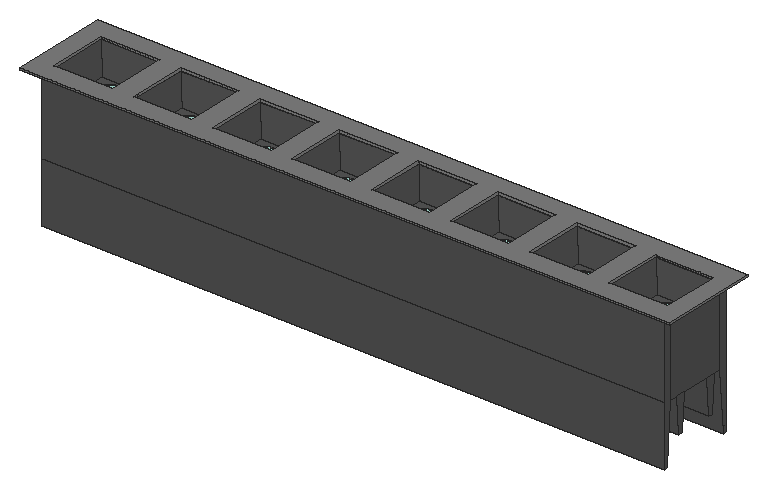
Revit family "Bitpop 8.1", category Lighting Fixtures, host Face, Revit 2017
Family settings
  Host = Face
  Round Connector Dimension = Use Diameter
  Part Type = Normal
  Cut with Voids When Loaded = Yes
  Light Source = Yes
  Shared = No
  Room Calculation Point = Yes
Parameters (values of type "Bitpop 8.1_ F 30° (3000K 50W 230Vac)")
  Wiring = "-"
  Width mm = 49 mm
  Weight kg = "1.10"
  Wattage = 25.8513 W
  built-in parameter 1150110 = 1 (stored number, unit not read)
  Voltage = 230 V
  URL Technical sheet = "https://www.lucelight.it/media/prodotti/st/ST_BITPOP_81.pdf"
  URL Image = "https://www.lucelight.it/media/prodotti/foto/bitpop_8.1_still.jpg"
  URL IES Photometric file = "https://www.lucelight.it/media/prodotti/fotometrie/bitpop_8.1_ies.zip"
  URL General code = "https://www.lucelight.it/en/prodotto.php/107075#a-generacodice"
  URL Description = "https://www.lucelight.it/en/capitolato.php/107075"
  URL DXF = "https://www.lucelight.it/media/prodotti/dxf/bitpop_8.1.dxf"
  URL Catalogue = "https://www.lucelight.it/media/prodotti/brochure/bitpop_brochure_en.pdf"
  URL Accessories and power supply units = "https://www.lucelight.it/en/prodotto.php/107075#a-scheda-accessori"
  URL = "https://www.lucelight.it/en/prodotto.php/107075"
  built-in parameter 1114217 = 1 (stored number, unit not read)
  Tilt Angle = 90.00°
  built-in parameter 1150109 = 1 (stored number, unit not read)
  built-in parameter 1150134 = (empty or 0)
  built-in parameter 1150113 = 1 (stored number, unit not read)
  Photometric Web File = "BITPOP 8.1 F 30° [3000K 50W 230Vac].IES"
  Model = "Bitpop 8.1"
  Manufacturer = "L&L Luce&Light"
  built-in parameter 1150105 = 305.58 (stored number, unit not read)
  Lumens = 3840 lm
  built-in parameter 1150115 = 1 (stored number, unit not read)
  built-in parameter 1150137 = (empty or 0)
  built-in parameter 1150139 = (empty or 0)
  built-in parameter 1150112 = 1 (stored number, unit not read)
  built-in parameter 1150114 = 1 (stored number, unit not read)
  built-in parameter 1150132 = 2
  built-in parameter 1150102 = (empty or 0)
  built-in parameter 1150107 = 3000 (stored number, unit not read)
  built-in parameter 1150138 = (empty or 0)
  built-in parameter 1150106 = 3.0558 (stored number, unit not read)
  Geometry = Bitpop8.1_mod : Bitpop 8.1
  Trim = L&L_Steel
  Power supply unit = "included and wired"
  Power supply = "230Vac"
  Power cables = "includes 0.30 m cable"
  Power = "50W (also available: 35W - ref. URL Technical sheet)"
  Optics = "30°"
  Notes = "ceiling-mounted version Bitpop C"
  No. and type of led = "8 high-intensity power LEDs"
  Mounting = "recessed (ceiling: flush or deep set)"
  Material = "body in black anodized aluminium trim in steel"
  Lumen output at source = "2800 lm (3000K, 35W); 3840 lm (3000K, 50W)"
  Lens = L&L_Lens
  Length mm = 329 mm
  LED Colour = "3000K (also available: 2700K and 4000K - ref. URL Technical sheet)"
  IP = "40; 44 installed"
  Height void = 42 mm
  Length void = 320 mm
  Width void = 42 mm
  Height mm = 71 mm
  Features = "UGR < 10 for 17° and 30° optics"
  Energy efficiency class = "A A+ A++"
  Emit from Line Length = 609.6 mm
  built-in parameter 1150104 = 13.8 (stored number, unit not read)
  Dimming Lamp Color Temperature Shift = <None>
  Description = "Indoor recessed"
  Delivered lumen output = "1984 lm (3000K, 30°, 35W); 2680 lm (3000K, 30°, 50W)"
  Default Elevation = 1219.2 mm
  Cutout dimensions = "320x42 mm"
  Control system = "on/off; 1-10V + PUSH; DALI + PUSH"
  Contact = "T: +39 0444 360571; E: lucelight@lucelight.it"
  Company = "L&L Luce&Light"
  Color Filter = 16777215
  Code = "BP8110 B White; BP8110 N Black; BP8111 B White; BP8111 N Black"
  CRI = "90 (also available: CRI 80 - ref. URL Technical sheet)"
  Body = L&L_Black anodized aluminium
  built-in parameter 1114218 = 1 (stored number, unit not read)
  built-in parameter 1150133 = 10 (stored number, unit not read)
  Apparent Load Phase 1 = 50 W
Types (8, lengths in mm): name | Photometric Web File | Model | Geometry | Optics | Length void | Width void
  Bitpop 8.1_ F 30° (3000K 50W 230Vac) | "BITPOP 8.1 F 30° [3000K 50W 230Vac].IES" | "Bitpop 8.1" | Bitpop8.1_mod : Bitpop 8.1 | "30°" | 320 | 42
  Bitpop 8.1_ L 42° (3000K 50W 230Vac) | "BITPOP 8.1 L 42° [3000K 50W 230Vac].IES" | "Bitpop 8.1" | Bitpop8.1_mod : Bitpop 8.1 | "42°" | 320 | 42
  Bitpop 8.1_ S 17° (3000K 50W 230Vac) | "BITPOP 8.1 S 17° [3000K 50W 230Vac].IES" | "Bitpop 8.1" | Bitpop8.1_mod : Bitpop 8.1 | "17°" | 320 | 42
  Bitpop 8.1_ W 17°x45° (3000K 50W 230Vac) | "BITPOP 8.1 W 17°x45° [3000K 50W 230Vac].IES" | "Bitpop 8.1" | Bitpop8.1_mod : Bitpop 8.1 | "17°x45°" | 320 | 42
  Bitpop 8.1_Recessed_ F 30° (3000K 50W 230Vac) | "BITPOP 8.1 F 30° [3000K 50W 230Vac].IES" | "Bitpop 8.1_Recessed" | Bitpop8.1_Recessed_mod : Bitpop 8.1 recessed | "30°" | 333 | 53
  Bitpop 8.1_Recessed_ L 42° (3000K 50W 230Vac) | "BITPOP 8.1 L 42° [3000K 50W 230Vac].IES" | "Bitpop 8.1_Recessed" | Bitpop8.1_Recessed_mod : Bitpop 8.1 recessed | "42°" | 333 | 53
  Bitpop 8.1_Recessed_ S 17° (3000K 50W 230Vac) | "BITPOP 8.1 S 17° [3000K 50W 230Vac].IES" | "Bitpop 8.1_Recessed" | Bitpop8.1_Recessed_mod : Bitpop 8.1 recessed | "17°" | 333 | 53
  Bitpop 8.1_Recessed_ W 17°x45° (3000K 50W 230Vac) | "BITPOP 8.1 W 17°x45° [3000K 50W 230Vac].IES" | "Bitpop 8.1_Recessed" | Bitpop8.1_Recessed_mod : Bitpop 8.1 recessed | "17°x45°" | 333 | 53
Reference planes
  plane 1 "Center (Front/Back)": y = 0
  plane 2: z = 0
  plane 3 "Center (Left/Right)": x = 0
  plane 4: x = -160
  plane 5: x = 160
  plane 6: y = 21
  plane 7: y = -21
  plane 8: z = -42
Forms (mm)
  Extrusion 1, void
    sketch origin (-11.1, 1.1, 0) x (1, 0, 0) y (0, 1, 0)
      loop
        line (-148.9, 19.9) -> (-148.9, -22.1) -> (171.1, -22.1) -> (171.1, 19.9) -> (-148.9, 19.9)
    from 0 to -42
Dimensions and locks
  "Length void": plane 4 to plane 5
  "Width void": plane 7 to plane 6
  "Height void": plane 8 to plane 2
  equal spacing: plane 4, plane 3 "Center (Left/Right)", plane 5
  equal spacing: plane 7, plane 1 "Center (Front/Back)", plane 6
  aligned and locked: plane 2 to host face
  aligned and locked: level to host face
  aligned and locked: plane 2 to Extrusion 1
  aligned and locked: Extrusion 1 to plane 8
  aligned and locked: Extrusion 1 to plane 6
  aligned and locked: Extrusion 1 to plane 7
  aligned and locked: Extrusion 1 to plane 4
  aligned and locked: plane 5 to Extrusion 1
Automatic sketch dimensions
  host sketch curve to host sketch curve = 2438.4 mm  (x2)
  Extrusion 1 sketch curve to plane 4 = 0 mm
  Extrusion 1 sketch curve to plane 7 = 0 mm
  Extrusion 1 sketch curve to plane 6 = 0 mm
  Extrusion 1 sketch curve to plane 5 = 0 mm
Nested families
  nested 1: "Bitpop8.1_mod" at (-164.5, 0, -70), type <- "Geometry", type "Bitpop 8.1"
Connectors
  electrical at (0, 0, 0), driven by "Voltage", driven by "Apparent Load Phase 1"
    settings: index 1, voltage 230 V, apparent load 0 VA, apparent load phase1 50 VA, apparent load phase2 0 VA, apparent load phase3 0 VA, power factor 1, load classification "Other", number of poles 1, system type 31, power factor state 1, is connector primary yes, connector utility no, sub classification motor no, connector description ""
Definition of nested family "Bitpop8.1_mod"
  Parameters (values of type "Bitpop 8.1")
    Wings length 1.2 = 93 mm
    Wings 1.1 = no
    Wings 1.0 = yes
    Width box = 39 mm
    Width = 49 mm
    Void Offset y = 3.5 mm
    Trim = none
    Offset Void = 1 mm
    Offset = 7 mm
    N° Copies = 8
    Light source position 2 = 927 mm
    Light Source Position = 929 mm
    Lens = none
    Length wings 1.1 = 52 mm
    Length Wings = 315 mm
    External box = no
    Center position = 400 mm - Length cover plate / 2  # 235.5 mm
    Length cover plate = 329 mm
    Default Elevation = 1219.2 mm
    Body = none
  Reference planes
    plane 1 "Light Source Axis (F/B)": y = 0
    plane 2: z = 0
    plane 3: x = 0
    plane 4 "Light Source Elevation": z = 71
    plane 5: x = -400
    plane 6: z = 1000
    plane 7: y = 24.5
    plane 8: y = -24.5
    plane 9: x = 329
    plane 10: y = 19.5
    plane 11: y = -19.5
    plane 12: x = 7
    plane 13: x = 322
    plane 14 "Light Source Axis (L/R)": x = 164.5
    plane 15: x = -84.1
    plane 16: x = 6.2
    plane 17: x = 5.167
    plane 18: x = 322.8
    plane 19: x = 323.765
    plane 20: z = 70
    plane 21: z = 55
    plane 22: z = 54
    plane 23: z = 57.889
    plane 24: z = 50.979
    plane 25: z = 29.6
    plane 26: z = 73
    plane 27: z = 55
    plane 28: x = 305.2
    plane 29: x = 265.1
    plane 30: x = 225
    plane 31: x = 184.9
    plane 32: x = 144.8
    plane 33: x = 104.7
    plane 34: x = 64.6
    plane 35: x = 24.5
  Forms (mm)
    Extrusion 1, solid, material <- "Trim", detail levels medium+fine
      sketch origin (0, 0, 0) x (1, 0, 0) y (0, 1, 0)
        loop
          line (0, 24.5) -> (0, -24.5) -> (329, -24.5) -> (329, 24.5) -> (0, 24.5)
      from 70 to 71
    Extrusion 2, solid, material <- "Body", detail levels medium+fine
      sketch origin (1, -6.552, 71) x (0, -1, 0) y (0, 0, 1)
        loop
          line (12.948, -1) -> (-26.052, -1) -> (-26.052, -41.4) -> (12.948, -41.4) -> (12.948, -1)
      from -321 to -6
    Extrusion 3, solid, material <- "Body", detail levels fine
      sketch origin (2, -7.152, -67.409) x (0, -1, 0) y (0, 0, 1)
        loop
          line (-26.652, 97.309) -> (-26.652, 67.04) -> (-25.152, 67.04) -> (-22.997, 97.009) -> (-22.997, 137.409) -> (-26.652, 137.409) -> (-26.652, 97.309)
      from -320 to -5
    Extrusion 4, solid, material <- "Body", detail levels fine
      sketch origin (18.9, -6.552, 71) x (0, -1, 0) y (0, 0, 1)
        loop
          line (-15.123, -59.404) -> (-14.052, -41.4) -> (-18.094, -41.4) -> (-16.929, -59.404) -> (-15.123, -59.404)
      from -303.1 to 11.9
    Extrusion 5, solid, material <- "Body", detail levels fine
      sketch origin (18.9, 6.552, 71) x (0, 1, 0) y (0, 0, -1)
        loop
          line (-15.123, 59.404) -> (-16.929, 59.404) -> (-18.094, 41.4) -> (-14.052, 41.4) -> (-15.123, 59.404)
      from -303.1 to 11.9
    Blend 6, void
      base sketch origin (0, 0, 0) x (1, 0, 0) y (0, 1, 0)
        loop
          line (9.671, 14.83) -> (9.671, -14.829) -> (39.33, -14.829) -> (39.33, 14.83) -> (9.671, 14.83)
      top sketch origin (0, 0, 0) x (1, 0, 0) y (0, 1, 0)
        loop
          line (12.387, 12.113) -> (12.387, -12.114) -> (36.614, -12.114) -> (36.614, 12.113) -> (12.387, 12.113)
      from 71 to 55
    Blend 7, void
      base sketch origin (40.1, 0, 0) x (1, 0, 0) y (0, 1, 0)
        loop
          line (9.671, 14.83) -> (9.671, -14.829) -> (39.33, -14.829) -> (39.33, 14.83) -> (9.671, 14.83)
      top sketch origin (40.1, 0, 0) x (1, 0, 0) y (0, 1, 0)
        loop
          line (12.387, 12.113) -> (12.387, -12.114) -> (36.614, -12.114) -> (36.614, 12.113) -> (12.387, 12.113)
      from 71 to 55
    Extrusion 8, void
      sketch origin (0, 0, 6.842) x (1, 0, 0) y (0, 1, 0)
        loop
          circle (24.5, 0) r 10.7
      from 44.137 to 48.158
    Extrusion 9, void, not visible
      sketch origin (0, 0, 6.842) x (1, 0, 0) y (0, 1, 0)
        loop
          circle (24.5, 0) r 10.7
      from 44.137 to 48.158
    Extrusion 10, void
      sketch origin (40.1, 0, 6.842) x (1, 0, 0) y (0, 1, 0)
        loop
          circle (24.5, 0) r 10.7
      from 44.137 to 48.158
    Extrusion 11, solid, material <- "Lens", detail levels medium+fine
      sketch origin (0, 0, 0) x (1, 0, 0) y (0, 1, 0)
        loop
          circle (24.5, 0) r 10.7
      from 54 to 55
    Extrusion 12, solid, material <- "Lens", detail levels medium+fine
      sketch origin (40.1, 0, 0) x (1, 0, 0) y (0, 1, 0)
        loop
          circle (24.5, 0) r 10.7
      from 54 to 55
    Extrusion 13, solid, material <- "Body", detail levels coarse
      sketch origin (0, -125, 0) x (1, 0, 0) y (0, 1, 0)
        loop
          line (0, 149.5) -> (0, 100.5) -> (329, 100.5) -> (329, 149.5) -> (0, 149.5)
      from 0 to 73
    Extrusion 14, solid, material <- "Body", detail levels medium
      sketch origin (0, 0, 0) x (1, 0, 0) y (0, 1, 0)
        loop
          line (7, 19.5) -> (7, -19.5) -> (322, -19.5) -> (322, 19.5) -> (7, 19.5)
      from 0 to 29.6
    Blend 15, void
      base sketch origin (80.2, 0, 0) x (1, 0, 0) y (0, 1, 0)
        loop
          line (9.671, 14.83) -> (9.671, -14.829) -> (39.33, -14.829) -> (39.33, 14.83) -> (9.671, 14.83)
      top sketch origin (80.2, 0, 0) x (1, 0, 0) y (0, 1, 0)
        loop
          line (12.387, 12.113) -> (12.387, -12.114) -> (36.614, -12.114) -> (36.614, 12.113) -> (12.387, 12.113)
      from 71 to 55
    Extrusion 16, void
      sketch origin (80.2, 0, 6.842) x (1, 0, 0) y (0, 1, 0)
        loop
          circle (24.5, 0) r 10.7
      from 44.137 to 48.158
    Extrusion 17, solid, material <- "Lens", detail levels medium+fine
      sketch origin (80.2, 0, 0) x (1, 0, 0) y (0, 1, 0)
        loop
          circle (24.5, 0) r 10.7
      from 54 to 55
    Blend 18, void
      base sketch origin (120.3, 0, 0) x (1, 0, 0) y (0, 1, 0)
        loop
          line (9.671, 14.83) -> (9.671, -14.829) -> (39.33, -14.829) -> (39.33, 14.83) -> (9.671, 14.83)
      top sketch origin (120.3, 0, 0) x (1, 0, 0) y (0, 1, 0)
        loop
          line (12.387, 12.113) -> (12.387, -12.114) -> (36.614, -12.114) -> (36.614, 12.113) -> (12.387, 12.113)
      from 71 to 55
    Extrusion 19, void
      sketch origin (120.3, 0, 6.842) x (1, 0, 0) y (0, 1, 0)
        loop
          circle (24.5, 0) r 10.7
      from 44.137 to 48.158
    Extrusion 20, solid, material <- "Lens", detail levels medium+fine
      sketch origin (120.3, 0, 0) x (1, 0, 0) y (0, 1, 0)
        loop
          circle (24.5, 0) r 10.7
      from 54 to 55
    Blend 21, void
      base sketch origin (160.4, 0, 0) x (1, 0, 0) y (0, 1, 0)
        loop
          line (9.671, 14.83) -> (9.671, -14.829) -> (39.33, -14.829) -> (39.33, 14.83) -> (9.671, 14.83)
      top sketch origin (160.4, 0, 0) x (1, 0, 0) y (0, 1, 0)
        loop
          line (12.387, 12.113) -> (12.387, -12.114) -> (36.614, -12.114) -> (36.614, 12.113) -> (12.387, 12.113)
      from 71 to 55
    Extrusion 22, void
      sketch origin (160.4, 0, 6.842) x (1, 0, 0) y (0, 1, 0)
        loop
          circle (24.5, 0) r 10.7
      from 44.137 to 48.158
    Extrusion 23, solid, material <- "Lens", detail levels medium+fine
      sketch origin (160.4, 0, 0) x (1, 0, 0) y (0, 1, 0)
        loop
          circle (24.5, 0) r 10.7
      from 54 to 55
    Blend 24, void
      base sketch origin (200.5, 0, 0) x (1, 0, 0) y (0, 1, 0)
        loop
          line (9.671, 14.83) -> (9.671, -14.829) -> (39.33, -14.829) -> (39.33, 14.83) -> (9.671, 14.83)
      top sketch origin (200.5, 0, 0) x (1, 0, 0) y (0, 1, 0)
        loop
          line (12.387, 12.113) -> (12.387, -12.114) -> (36.614, -12.114) -> (36.614, 12.113) -> (12.387, 12.113)
      from 71 to 55
    Extrusion 25, void
      sketch origin (200.5, 0, 6.842) x (1, 0, 0) y (0, 1, 0)
        loop
          circle (24.5, 0) r 10.7
      from 44.137 to 48.158
    Extrusion 26, solid, material <- "Lens", detail levels medium+fine
      sketch origin (200.5, 0, 0) x (1, 0, 0) y (0, 1, 0)
        loop
          circle (24.5, 0) r 10.7
      from 54 to 55
    Blend 27, void
      base sketch origin (240.6, 0, 0) x (1, 0, 0) y (0, 1, 0)
        loop
          line (9.671, 14.83) -> (9.671, -14.829) -> (39.33, -14.829) -> (39.33, 14.83) -> (9.671, 14.83)
      top sketch origin (240.6, 0, 0) x (1, 0, 0) y (0, 1, 0)
        loop
          line (12.387, 12.113) -> (12.387, -12.114) -> (36.614, -12.114) -> (36.614, 12.113) -> (12.387, 12.113)
      from 71 to 55
    Extrusion 28, void
      sketch origin (240.6, 0, 6.842) x (1, 0, 0) y (0, 1, 0)
        loop
          circle (24.5, 0) r 10.7
      from 44.137 to 48.158
    Extrusion 29, solid, material <- "Lens", detail levels medium+fine
      sketch origin (240.6, 0, 0) x (1, 0, 0) y (0, 1, 0)
        loop
          circle (24.5, 0) r 10.7
      from 54 to 55
    Blend 30, void
      base sketch origin (280.7, 0, 0) x (1, 0, 0) y (0, 1, 0)
        loop
          line (9.671, 14.83) -> (9.671, -14.829) -> (39.33, -14.829) -> (39.33, 14.83) -> (9.671, 14.83)
      top sketch origin (280.7, 0, 0) x (1, 0, 0) y (0, 1, 0)
        loop
          line (12.387, 12.113) -> (12.387, -12.114) -> (36.614, -12.114) -> (36.614, 12.113) -> (12.387, 12.113)
      from 71 to 55
    Extrusion 31, void
      sketch origin (280.7, 0, 6.842) x (1, 0, 0) y (0, 1, 0)
        loop
          circle (24.5, 0) r 10.7
      from 44.137 to 48.158
    Extrusion 32, solid, material <- "Lens", detail levels medium+fine
      sketch origin (280.7, 0, 0) x (1, 0, 0) y (0, 1, 0)
        loop
          circle (24.5, 0) r 10.7
      from 54 to 55
    Extrusion 33, solid, material <- "Body", detail levels fine
      sketch origin (2, 7.152, -67.409) x (0, 1, 0) y (0, 0, -1)
        loop
          line (-26.652, -97.309) -> (-26.652, -137.409) -> (-22.997, -137.409) -> (-22.997, -97.009) -> (-25.152, -67.04) -> (-26.652, -67.04) -> (-26.652, -97.309)
      from -320 to -5
  Cuts and joins
    Blend 6, Blend 7, Blend 15, Blend 18, Blend 21, Blend 24, Blend 27, Blend 30 cuts Extrusion 1
    Blend 6, Blend 7, Extrusion 8, Extrusion 10, Blend 15, Extrusion 16, Blend 18, Extrusion 19, Blend 21, Extrusion 22, Blend 24, Extrusion 25, Blend 27, Extrusion 28, Blend 30, Extrusion 31 cuts Extrusion 2
    Blend 15 cuts Extrusion 13
    Blend 15 cuts Extrusion 17
    Blend 18 cuts Extrusion 20
    Blend 21 cuts Extrusion 23
    Blend 24 cuts Extrusion 26
    Blend 27 cuts Extrusion 29
    Blend 30 cuts Extrusion 32
  Dimensions and locks
    equal spacing: plane 7, plane 1 "Light Source Axis (F/B)", plane 8, locked at 24.5 each
    "Width": plane 7 to plane 8
    "Length cover plate": plane 3 to plane 9
    equal spacing: plane 10, plane 1 "Light Source Axis (F/B)", plane 11
    "Width box": plane 10 to plane 11
    "Light Source Position": plane 6 to plane 4 "Light Source Elevation"
    "Offset": plane 3 to plane 12
    "Offset": plane 13 to plane 9
    plane 5 to plane 14 "Light Source Axis (L/R)" = 564.5 mm
    locked: plane 12 to plane 16 at 0.8
    locked: plane 17 to plane 16 at 1.033
    locked: plane 18 to plane 13 at 0.8
    locked: plane 19 to plane 18 at 0.965
    plane 20 to plane 4 "Light Source Elevation" = 1 mm
    locked: plane 22 to plane 21 at 1
    locked: plane 21 to plane 20 at 15
    equal spacing: group 1, group 2, group 6, group 8, group 10, group 12, group 14, group 16  (x3)
    locked: plane 21 to plane 4 "Light Source Elevation" at 16
    locked: plane 24 to plane 23 at 6.91
    locked: plane 23 to plane 4 "Light Source Elevation" at 13.111
    plane 25 to level = 29.6 mm
    equal spacing: plane 3, plane 14 "Light Source Axis (L/R)", plane 9
    plane 4 "Light Source Elevation" to plane 26 = 2 mm
    "Light source position 2": plane 26 to plane 6
    cut or joined group of Extrusion 1, Blend 6, Blend 7, Blend 15, Blend 18, Blend 21, Blend 24, Blend 27, Blend 30 to plane 27 to cut or joined group 1 (Extrusion 2, Blend 6, Blend 7, Extrusion 8, Extrusion 10, Blend 15, Extrusion 16, Blend 18, Extrusion 19, Blend 21, Extrusion 22, Blend 24, Extrusion 25, Blend 27, Extrusion 28, Blend 30, Extrusion 31) = 15 mm, 4.021 mm
    aligned and locked: level to plane 2
    aligned and locked: plane 3 to Extrusion 1 sketch curve
    aligned and locked: plane 8 to Extrusion 1 sketch curve
    aligned and locked: Extrusion 1 sketch curve to plane 9
    aligned and locked: plane 4 "Light Source Elevation" to Extrusion 1
    aligned and locked: Extrusion 2 to Extrusion 1
    aligned and locked: Extrusion 3 to Extrusion 1
    aligned and locked: Extrusion 4 sketch curve to Extrusion 2
    aligned and locked: Extrusion 5 to Extrusion 2
    aligned and locked: Extrusion 3 to plane 12
    aligned and locked: Extrusion 3 to Extrusion 4
    aligned and locked: Extrusion 3 to Extrusion 5
    aligned and locked: plane 13 to Extrusion 3
    aligned and locked: Extrusion 4 to Extrusion 3
    aligned and locked: Extrusion 5 to Extrusion 3
    aligned and locked: Extrusion 2 to Extrusion 3  (x2)
    aligned and locked: Extrusion 1 to plane 20
    aligned and locked: Blend 6 to plane 4 "Light Source Elevation"
    aligned and locked: plane 21 to Blend 6
    aligned and locked: plane 4 "Light Source Elevation" to cut or joined group of Extrusion 1, Blend 6, Blend 7, Blend 15, Blend 18, Blend 21, Blend 24, Blend 27, Blend 30
    aligned and locked: Blend 7 to plane 4 "Light Source Elevation"
    aligned and locked: cut or joined group 1 to plane 21  (x6)
    aligned and locked: plane 21 to cut or joined group 1  (x2)
    aligned and locked: Extrusion 8 to plane 24
    aligned and locked: plane 24 to Extrusion 8  (x4)
    aligned and locked: Extrusion 8 to plane 21
    aligned and locked: cut or joined group 1 to plane 24  (x3)
    aligned and locked: Extrusion 11 to plane 21
    aligned and locked: plane 22 to Extrusion 11
    aligned and locked: Extrusion 2 to plane 25
    aligned and locked: plane 26 to Extrusion 13
    aligned and locked: plane 13 to Extrusion 14
    aligned and locked: Extrusion 14 to plane 12
    aligned and locked: Extrusion 14 to cut or joined group 1
  Automatic sketch dimensions
    Blend 6 sketch curve to Blend 6 sketch curve = 29.659 mm  (x2)
    Blend 6 sketch curve to Blend 6 sketch curve = 24.227 mm  (x2)
    Blend 7 sketch curve to Blend 7 sketch curve = 29.659 mm  (x2)
    Blend 7 sketch curve to Blend 7 sketch curve = 24.227 mm  (x2)
    Extrusion 11 sketch curve to Extrusion 11 sketch curve = 10.7 mm
    Extrusion 12 sketch curve to Extrusion 12 sketch curve = 10.7 mm
    Extrusion 11 sketch curve to Extrusion 11 sketch curve = 0 mm  (x2)
    Extrusion 12 sketch curve to Extrusion 12 sketch curve = 0 mm  (x2)
    Blend 15 sketch curve to Blend 15 sketch curve = 29.659 mm  (x2)
    Blend 15 sketch curve to Blend 15 sketch curve = 24.227 mm  (x2)
    Extrusion 17 sketch curve to Extrusion 17 sketch curve = 10.7 mm
    Extrusion 17 sketch curve to Extrusion 17 sketch curve = 0 mm  (x2)
    Blend 18 sketch curve to Blend 18 sketch curve = 29.659 mm  (x2)
    Blend 18 sketch curve to Blend 18 sketch curve = 24.227 mm  (x2)
    Extrusion 20 sketch curve to Extrusion 20 sketch curve = 10.7 mm
    Extrusion 20 sketch curve to Extrusion 20 sketch curve = 0 mm  (x2)
    Blend 21 sketch curve to Blend 21 sketch curve = 29.659 mm  (x2)
    Blend 21 sketch curve to Blend 21 sketch curve = 24.227 mm  (x2)
    Extrusion 23 sketch curve to Extrusion 23 sketch curve = 10.7 mm
    Extrusion 23 sketch curve to Extrusion 23 sketch curve = 0 mm  (x2)
    Blend 24 sketch curve to Blend 24 sketch curve = 29.659 mm  (x2)
    Blend 24 sketch curve to Blend 24 sketch curve = 24.227 mm  (x2)
    Extrusion 26 sketch curve to Extrusion 26 sketch curve = 10.7 mm
    Extrusion 26 sketch curve to Extrusion 26 sketch curve = 0 mm  (x2)
    Blend 27 sketch curve to Blend 27 sketch curve = 29.659 mm  (x2)
    Blend 27 sketch curve to Blend 27 sketch curve = 24.227 mm  (x2)
    Extrusion 29 sketch curve to Extrusion 29 sketch curve = 10.7 mm
    Extrusion 29 sketch curve to Extrusion 29 sketch curve = 0 mm  (x2)
    Blend 30 sketch curve to Blend 30 sketch curve = 29.659 mm  (x2)
    Blend 30 sketch curve to Blend 30 sketch curve = 24.227 mm  (x2)
    Extrusion 32 sketch curve to Extrusion 32 sketch curve = 10.7 mm
    Extrusion 32 sketch curve to Extrusion 32 sketch curve = 0 mm  (x2)
    Extrusion 1 sketch curve to plane 7 = 0 mm
    Extrusion 2 sketch curve to plane 10 = 0 mm
    Extrusion 2 sketch curve to plane 11 = 0 mm
    Extrusion 2 sketch curve to plane 25 = 0 mm
    Extrusion 2 sketch curve to plane 20 = 0 mm
    Extrusion 13 sketch curve to plane 3 = 0 mm
    Extrusion 13 sketch curve to plane 8 = 0 mm
    Extrusion 13 sketch curve to plane 9 = 0 mm
    Extrusion 13 sketch curve to plane 7 = 0 mm
    Extrusion 14 sketch curve to plane 11 = 0 mm
    Extrusion 14 sketch curve to plane 12 = 0 mm
    Extrusion 14 sketch curve to plane 13 = 0 mm
    Extrusion 14 sketch curve to plane 10 = 0 mm
    Extrusion 33 sketch curve to plane 11 = 0 mm
    Extrusion 33 sketch curve to plane 25 = 0 mm
    Extrusion 33 sketch curve to plane 20 = 0 mm
    plane 25 to Extrusion 33 sketch curve = 0.3 mm
    Extrusion 33 sketch curve to level = 0.369 mm
    Extrusion 33 sketch curve to Extrusion 33 sketch curve = 3.656 mm
    Extrusion 33 sketch curve to Extrusion 33 sketch curve = 1.5 mm
    Extrusion 5 sketch curve to plane 25 = 0 mm
    plane 11 to Extrusion 5 sketch curve = 7.958 mm
    plane 11 to Extrusion 5 sketch curve = 9.123 mm
    Extrusion 5 sketch curve to Extrusion 5 sketch curve = 4.042 mm
    Extrusion 5 sketch curve to Extrusion 5 sketch curve = 1.807 mm
    level to Extrusion 5 sketch curve = 11.596 mm
    Extrusion 4 sketch curve to plane 10 = 7.958 mm
    Extrusion 4 sketch curve to Extrusion 4 sketch curve = 4.042 mm
    Extrusion 4 sketch curve to plane 10 = 9.123 mm
    Extrusion 4 sketch curve to Extrusion 4 sketch curve = 1.807 mm
    level to Extrusion 4 sketch curve = 11.596 mm
    Extrusion 3 sketch curve to plane 10 = 0 mm
    Extrusion 3 sketch curve to plane 25 = 0 mm
    Extrusion 3 sketch curve to plane 20 = 0 mm
    plane 25 to Extrusion 3 sketch curve = 0.3 mm
    Extrusion 3 sketch curve to level = 0.369 mm
    Extrusion 3 sketch curve to Extrusion 3 sketch curve = 3.656 mm
    Extrusion 3 sketch curve to Extrusion 3 sketch curve = 1.5 mm
    radius of Extrusion 8 sketch curve = 10.7 mm
    radius of Extrusion 9 sketch curve = 10.7 mm
    radius of Extrusion 10 sketch curve = 10.7 mm
    radius of Extrusion 16 sketch curve = 10.7 mm
    radius of Extrusion 19 sketch curve = 10.7 mm
    radius of Extrusion 22 sketch curve = 10.7 mm
    radius of Extrusion 25 sketch curve = 10.7 mm
    radius of Extrusion 28 sketch curve = 10.7 mm
    radius of Extrusion 31 sketch curve = 10.7 mm
